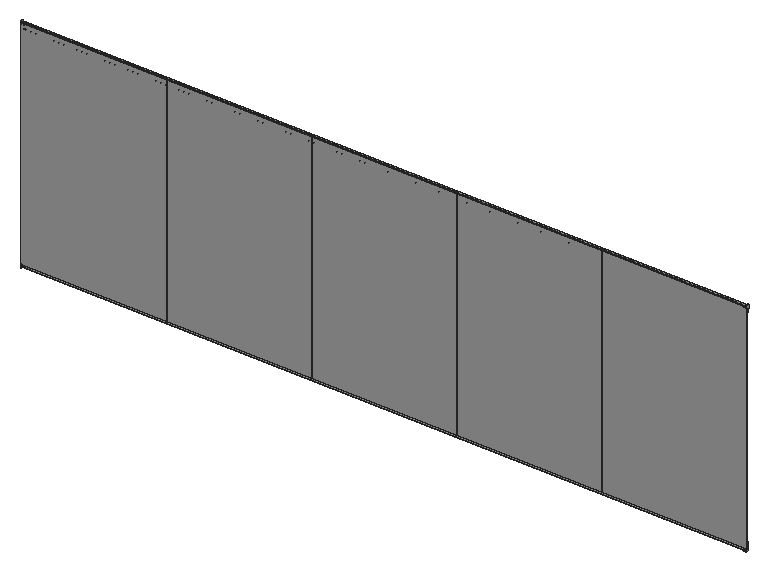
Revit family "Unity Glass Wall 6x20", category Generic Models, Revit 2018
Family settings
  Can host rebar = No
  Round Connector Dimension = Use Diameter
  Part Type = Normal
  Work Plane-Based = No
  Always vertical = Yes
  Cut with Voids When Loaded = No
  Shared = No
  Room Calculation Point = No
Parameters
  Panel #5 = Unity Glass Wall 6x20 Panel #5
  Panel #4 = Unity Glass Wall 6x20 Panel #4
  Panel #3 = Unity Glass Wall 6x20 Panel #3
  Panel #2 = Unity Glass Wall 6x20 Panel #2
  Panel #1 = Unity Glass Wall 6x20 Panel #1
Reference planes (in)
  plane 1 "Center (Front/Back)": y = 0
  plane 2: z = 0
  plane 3 "Center (Left/Right)": x = 0
Forms (in)
  Extrusion 1, solid, material "Unity Glass Wall Trim Metal"
    sketch origin (-118.11024, 0, 0.36763) x (0, 1, 0) y (0, 0, 1)
      loop
        line (0, 83.30899) -> (-0.645, 83.30899)
        arc (-0.645, 83.30899) -> (-0.70034, 83.28391) -> (-0.71795, 83.22577) r 0.07358
        arc (-0.71795, 83.22577) -> (-0.66251, 82.98163) -> (-0.5634, 82.75172) r 1.36464
        arc (-0.5634, 82.75172) -> (-0.54859, 82.73439) -> (-0.52802, 82.72453) r 0.05514
        line (-0.52802, 82.72453) -> (-0.48302, 82.72453) -> (-0.48302, 82.77531) -> (-0.51842, 82.77531)
        arc (-0.51842, 82.77531) -> (-0.6141, 82.99698) -> (-0.66761, 83.23242) r 1.31386
        arc (-0.66761, 83.23242) -> (-0.66215, 83.25044) -> (-0.645, 83.25821) r 0.0228
        line (-0.645, 83.25821) -> (-0.05078, 83.25821) -> (-0.05078, 82.12852) -> (-0.118, 82.19574) -> (-0.118, 82.45703) -> (-0.166, 82.45703) -> (-0.166, 82.19574)
        arc (-0.166, 82.19574) -> (-0.16235, 82.17737) -> (-0.15194, 82.1618) r 0.048
        line (-0.15194, 82.1618) -> (-0.1, 82.10985) -> (-0.1, 81.00078)
        arc (-0.1, 81.00078) -> (-0.05, 80.95078) -> (0, 81.00078) r 0.05
        line (0, 81.00078) -> (0, 83.30899)
    from 0.2 to 236.02047
  Extrusion 2, solid, material "Unity Glass Wall 6x20 Panel #1" <- "Panel #1"
    sketch origin (-118.11024, 0, 0.63581) x (0, 1, 0) y (0, 0, 1)
      loop
        line (-0.48802, 11.58341) -> (-0.28802, 11.58341) -> (-0.28802, 82.8216) -> (-0.48802, 82.8216) -> (-0.48802, 11.58341)
    from 0 to 47.24409
  Extrusion 3, solid, material "Unity Glass Wall Trim Metal"
    sketch origin (-70.86614, 0, 0.36763) x (0, 1, 0) y (0, 0, 1)
      loop
        line (0, 83.35978) -> (-0.645, 83.35978)
        arc (-0.645, 83.35978) -> (-0.73852, 83.31739) -> (-0.76829, 83.21911) r 0.12436
        arc (-0.76829, 83.21911) -> (-0.55414, 82.63679) -> (-0.11151, 82.20201) r 1.41542
        arc (-0.11151, 82.20201) -> (-0.09645, 82.19579) -> (-0.08019, 82.19478) r 0.04981
        line (-0.08019, 82.19478) -> (0, 82.19478) -> (0, 83.35978)
    from -47.24409 to -47.34409
  Extrusion 4, solid, material "Unity Glass Wall Trim Metal"
    sketch origin (-165.35433, 0, 0.36763) x (0, 1, 0) y (0, 0, -1)
      loop
        line (0, -83.35978) -> (0, -81.00078)
        arc (0, -81.00078) -> (-0.05, -80.95078) -> (-0.1, -81.00078) r 0.05
        line (-0.1, -81.00078) -> (-0.1, -82.10985) -> (-0.15194, -82.1618)
        arc (-0.15194, -82.1618) -> (-0.16235, -82.17737) -> (-0.166, -82.19574) r 0.048
        line (-0.166, -82.19574) -> (-0.166, -82.45703) -> (-0.118, -82.45703) -> (-0.118, -82.19574) -> (-0.048, -82.12574) -> (-0.048, -83.30899) -> (-0.645, -83.30899)
        arc (-0.645, -83.30899) -> (-0.70034, -83.28391) -> (-0.71795, -83.22577) r 0.07358
        arc (-0.71795, -83.22577) -> (-0.66202, -82.98012) -> (-0.56188, -82.74894) r 1.36464
        arc (-0.56188, -82.74894) -> (-0.5474, -82.73362) -> (-0.52802, -82.72531) r 0.05198
        line (-0.52802, -82.72531) -> (-0.48302, -82.72531) -> (-0.48302, -82.67453) -> (-0.5309, -82.67453)
        arc (-0.5309, -82.67453) -> (-0.56773, -82.68318) -> (-0.59684, -82.70734) r 0.08265
        arc (-0.59684, -82.70734) -> (-0.70718, -82.95498) -> (-0.76829, -83.21911) r 1.41542
        arc (-0.76829, -83.21911) -> (-0.73852, -83.31739) -> (-0.645, -83.35978) r 0.12436
        line (-0.645, -83.35978) -> (0, -83.35978)
    from -47.24409 to -47.44409
  Extrusion 5, solid, material "Unity Glass Wall Trim Metal"
    sketch origin (-118.11024, 0, 95.30899) x (0, 1, 0) y (0, 0, 1)
      loop
        line (0, -83.30899) -> (0, -81.00078)
        arc (0, -81.00078) -> (-0.05, -80.95078) -> (-0.1, -81.00078) r 0.05
        line (-0.1, -81.00078) -> (-0.1, -82.10985) -> (-0.15194, -82.1618)
        arc (-0.15194, -82.1618) -> (-0.16235, -82.17737) -> (-0.166, -82.19574) r 0.048
        line (-0.166, -82.19574) -> (-0.166, -82.45703) -> (-0.118, -82.45703) -> (-0.118, -82.19574) -> (-0.05078, -82.12852) -> (-0.05078, -83.25821) -> (-0.645, -83.25821)
        arc (-0.645, -83.25821) -> (-0.66215, -83.25044) -> (-0.66761, -83.23242) r 0.0228
        arc (-0.66761, -83.23242) -> (-0.6141, -82.99698) -> (-0.51842, -82.77531) r 1.31386
        line (-0.51842, -82.77531) -> (-0.48302, -82.77531) -> (-0.48302, -82.72453) -> (-0.52802, -82.72453)
        arc (-0.52802, -82.72453) -> (-0.54859, -82.73439) -> (-0.5634, -82.75172) r 0.05514
        arc (-0.5634, -82.75172) -> (-0.66251, -82.98163) -> (-0.71795, -83.22577) r 1.36464
        arc (-0.71795, -83.22577) -> (-0.70034, -83.28391) -> (-0.645, -83.30899) r 0.07358
        line (-0.645, -83.30899) -> (0, -83.30899)
    from 0.2 to 236.02047
  Extrusion 6, solid, material "Unity Glass Wall Trim Metal"
    sketch origin (-70.86614, 0, 95.30899) x (0, 1, 0) y (0, 0, 1)
      loop
        line (0, -83.35978) -> (0, -82.19478) -> (-0.08019, -82.19478)
        arc (-0.08019, -82.19478) -> (-0.09645, -82.19579) -> (-0.11151, -82.20201) r 0.04981
        arc (-0.11151, -82.20201) -> (-0.55414, -82.63679) -> (-0.76829, -83.21911) r 1.41542
        arc (-0.76829, -83.21911) -> (-0.73852, -83.31739) -> (-0.645, -83.35978) r 0.12436
        line (-0.645, -83.35978) -> (0, -83.35978)
    from -47.24409 to -47.34409
  Extrusion 7, solid, material "Unity Glass Wall Trim Metal"
    sketch origin (-165.35433, 0, 95.30899) x (0, 1, 0) y (0, 0, -1)
      loop
        line (0, 83.35978) -> (-0.645, 83.35978)
        arc (-0.645, 83.35978) -> (-0.73852, 83.31739) -> (-0.76829, 83.21911) r 0.12436
        arc (-0.76829, 83.21911) -> (-0.70718, 82.95498) -> (-0.59684, 82.70734) r 1.41542
        arc (-0.59684, 82.70734) -> (-0.56773, 82.68318) -> (-0.5309, 82.67453) r 0.08265
        line (-0.5309, 82.67453) -> (-0.48302, 82.67453) -> (-0.48302, 82.72531) -> (-0.52802, 82.72531)
        arc (-0.52802, 82.72531) -> (-0.5474, 82.73362) -> (-0.56188, 82.74894) r 0.05198
        arc (-0.56188, 82.74894) -> (-0.66202, 82.98012) -> (-0.71795, 83.22577) r 1.36464
        arc (-0.71795, 83.22577) -> (-0.70034, 83.28391) -> (-0.645, 83.30899) r 0.07358
        line (-0.645, 83.30899) -> (-0.048, 83.30899) -> (-0.048, 82.12574) -> (-0.118, 82.19574) -> (-0.118, 82.45703) -> (-0.166, 82.45703) -> (-0.166, 82.19574)
        arc (-0.166, 82.19574) -> (-0.16235, 82.17737) -> (-0.15194, 82.1618) r 0.048
        line (-0.15194, 82.1618) -> (-0.1, 82.10985) -> (-0.1, 81.00078)
        arc (-0.1, 81.00078) -> (-0.05, 80.95078) -> (0, 81.00078) r 0.05
        line (0, 81.00078) -> (0, 83.35978)
    from -47.24409 to -47.44409
  Extrusion 8, solid, material "Unity Glass Wall 6x20 Panel #2" <- "Panel #2"
    sketch origin (-70.86614, 0, 0.63581) x (0, 1, 0) y (0, 0, 1)
      loop
        line (-0.48802, 11.58341) -> (-0.28802, 11.58341) -> (-0.28802, 82.8216) -> (-0.48802, 82.8216) -> (-0.48802, 11.58341)
    from 0 to 47.24409
  Extrusion 9, solid, material "Unity Glass Wall 6x20 Panel #3" <- "Panel #3"
    sketch origin (23.62205, 0, 0.63581) x (0, 1, 0) y (0, 0, -1)
      loop
        line (-0.48802, -11.58341) -> (-0.48802, -82.8216) -> (-0.28802, -82.8216) -> (-0.28802, -11.58341) -> (-0.48802, -11.58341)
    from 0 to 47.24409
  Extrusion 10, solid, material "Unity Glass Wall 6x20 Panel #4" <- "Panel #4"
    sketch origin (70.86614, 0, 0.63581) x (0, 1, 0) y (0, 0, -1)
      loop
        line (-0.48802, -11.58341) -> (-0.48802, -82.8216) -> (-0.28802, -82.8216) -> (-0.28802, -11.58341) -> (-0.48802, -11.58341)
    from 0 to 47.24409
  Extrusion 11, solid, material "Unity Glass Wall Trim Metal"
    sketch origin (70.86614, 0, 0.36763) x (0, 1, 0) y (0, 0, -1)
      loop
        line (0, -83.35978) -> (0, -82.19478) -> (-0.08019, -82.19478)
        arc (-0.08019, -82.19478) -> (-0.09645, -82.19579) -> (-0.11151, -82.20201) r 0.04981
        arc (-0.11151, -82.20201) -> (-0.55414, -82.63679) -> (-0.76829, -83.21911) r 1.41542
        arc (-0.76829, -83.21911) -> (-0.73852, -83.31739) -> (-0.645, -83.35978) r 0.12436
        line (-0.645, -83.35978) -> (0, -83.35978)
    from -47.24409 to -47.34409
  Extrusion 12, solid, material "Unity Glass Wall Trim Metal"
    sketch origin (165.35433, 0, 0.36763) x (0, 1, 0) y (0, 0, 1)
      loop
        line (0, 83.35978) -> (-0.645, 83.35978)
        arc (-0.645, 83.35978) -> (-0.73852, 83.31739) -> (-0.76829, 83.21911) r 0.12436
        arc (-0.76829, 83.21911) -> (-0.70718, 82.95498) -> (-0.59684, 82.70734) r 1.41542
        arc (-0.59684, 82.70734) -> (-0.56773, 82.68318) -> (-0.5309, 82.67453) r 0.08265
        line (-0.5309, 82.67453) -> (-0.48302, 82.67453) -> (-0.48302, 82.72531) -> (-0.52802, 82.72531)
        arc (-0.52802, 82.72531) -> (-0.5474, 82.73362) -> (-0.56188, 82.74894) r 0.05198
        arc (-0.56188, 82.74894) -> (-0.66202, 82.98012) -> (-0.71795, 83.22577) r 1.36464
        arc (-0.71795, 83.22577) -> (-0.70034, 83.28391) -> (-0.645, 83.30899) r 0.07358
        line (-0.645, 83.30899) -> (-0.048, 83.30899) -> (-0.048, 82.12574) -> (-0.118, 82.19574) -> (-0.118, 82.45703) -> (-0.166, 82.45703) -> (-0.166, 82.19574)
        arc (-0.166, 82.19574) -> (-0.16235, 82.17737) -> (-0.15194, 82.1618) r 0.048
        line (-0.15194, 82.1618) -> (-0.1, 82.10985) -> (-0.1, 81.00078)
        arc (-0.1, 81.00078) -> (-0.05, 80.95078) -> (0, 81.00078) r 0.05
        line (0, 81.00078) -> (0, 83.35978)
    from -47.24409 to -47.44409
  Extrusion 13, solid, material "Unity Glass Wall Trim Metal"
    sketch origin (70.86614, 0, 95.30899) x (0, 1, 0) y (0, 0, -1)
      loop
        line (0, 83.35978) -> (-0.645, 83.35978)
        arc (-0.645, 83.35978) -> (-0.73852, 83.31739) -> (-0.76829, 83.21911) r 0.12436
        arc (-0.76829, 83.21911) -> (-0.55414, 82.63679) -> (-0.11151, 82.20201) r 1.41542
        arc (-0.11151, 82.20201) -> (-0.09645, 82.19579) -> (-0.08019, 82.19478) r 0.04981
        line (-0.08019, 82.19478) -> (0, 82.19478) -> (0, 83.35978)
    from -47.24409 to -47.34409
  Extrusion 14, solid, material "Unity Glass Wall Trim Metal"
    sketch origin (165.35433, 0, 95.30899) x (0, 1, 0) y (0, 0, 1)
      loop
        line (0, -83.35978) -> (0, -81.00078)
        arc (0, -81.00078) -> (-0.05, -80.95078) -> (-0.1, -81.00078) r 0.05
        line (-0.1, -81.00078) -> (-0.1, -82.10985) -> (-0.15194, -82.1618)
        arc (-0.15194, -82.1618) -> (-0.16235, -82.17737) -> (-0.166, -82.19574) r 0.048
        line (-0.166, -82.19574) -> (-0.166, -82.45703) -> (-0.118, -82.45703) -> (-0.118, -82.19574) -> (-0.048, -82.12574) -> (-0.048, -83.30899) -> (-0.645, -83.30899)
        arc (-0.645, -83.30899) -> (-0.70034, -83.28391) -> (-0.71795, -83.22577) r 0.07358
        arc (-0.71795, -83.22577) -> (-0.66202, -82.98012) -> (-0.56188, -82.74894) r 1.36464
        arc (-0.56188, -82.74894) -> (-0.5474, -82.73362) -> (-0.52802, -82.72531) r 0.05198
        line (-0.52802, -82.72531) -> (-0.48302, -82.72531) -> (-0.48302, -82.67453) -> (-0.5309, -82.67453)
        arc (-0.5309, -82.67453) -> (-0.56773, -82.68318) -> (-0.59684, -82.70734) r 0.08265
        arc (-0.59684, -82.70734) -> (-0.70718, -82.95498) -> (-0.76829, -83.21911) r 1.41542
        arc (-0.76829, -83.21911) -> (-0.73852, -83.31739) -> (-0.645, -83.35978) r 0.12436
        line (-0.645, -83.35978) -> (0, -83.35978)
    from -47.24409 to -47.44409
  Extrusion 15, solid, material "Unity Glass Wall 6x20 Panel #5" <- "Panel #5"
    sketch origin (118.11024, 0, 0.63581) x (0, 1, 0) y (0, 0, -1)
      loop
        line (-0.48802, -11.58341) -> (-0.48802, -82.8216) -> (-0.28802, -82.8216) -> (-0.28802, -11.58341) -> (-0.48802, -11.58341)
    from 0 to 47.24409
Dimensions and locks (in)
  aligned and locked: plane 2 to level
